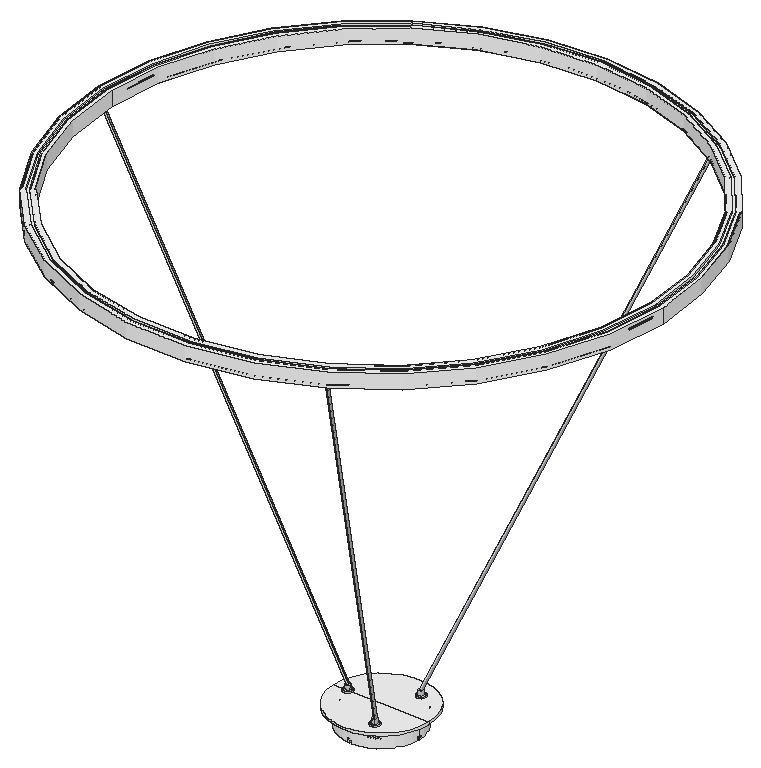
Revit family "(VRD) Vicky Ring Downward Light Acoustic Light", category Lighting Fixtures, host Face, Revit 2020
Family settings
  Host = Face
  Round Connector Dimension = Use Diameter
  Part Type = Normal
  Cut with Voids When Loaded = No
  Light Source = Yes
  Shared = No
  Room Calculation Point = No
Parameters (values of type "VRD-10059-30901-ACPMK-WH")
  Wattage Comments = "100W"
  Wattage = 57.2229 W
  built-in parameter 1150110 = 1 (stored number, unit not read)
  Voltage = "120-277 V"  # constant formula
  URL = "https://www.abovealllighting.com/product/LED-INDOOR-FIXTURE/Ring/VRDVickyRingDownwardLight.html"
  Type Comments = "Vicky Ring Downward Light"  # constant formula
  built-in parameter 1114217 = 1 (stored number, unit not read)
  Tilt Angle = -90.00°
  built-in parameter 1150109 = 1 (stored number, unit not read)
  built-in parameter 1150134 = (empty or 0)
  built-in parameter 1150113 = 1 (stored number, unit not read)
  Power Factor = 1
  Photometric Web File = "VRD-10059-30901.ies"
  Order number = "16314"
  Model = "VRD-10059-40901-ACPMK-WH"
  Manufacturer = "Above All Lighting"  # constant formula
  built-in parameter 1150105 = 676.41 (stored number, unit not read)
  Lumens = 8500 lm
  built-in parameter 1150115 = 1 (stored number, unit not read)
  Load Classification = Lighting
  built-in parameter 1150137 = (empty or 0)
  built-in parameter 1150139 = (empty or 0)
  built-in parameter 1150112 = 1 (stored number, unit not read)
  built-in parameter 1150114 = 1 (stored number, unit not read)
  Inside Body Material = none
  Inside Body = no
  Inner Diameter = (Fixture Diameter / 2) - 0' 1 77/256"  # 2' - 4 1/4"
  built-in parameter 1150132 = 2
  built-in parameter 1150102 = (empty or 0)
  built-in parameter 1150107 = 3000 (stored number, unit not read)
  built-in parameter 1150138 = (empty or 0)
  built-in parameter 1150106 = 6.7641 (stored number, unit not read)
  IP Rating = "20"  # constant formula
  H2 = Fixture Height - Canopy Height - 0' 0 67/128"  # 3' - 9 61/128"
  H1 = sqrt((B2 ^ 2) + (H2 ^ 2))  # 4' - 4.31274"
  Fixture Width = 0' - 0"
  Fixture Height = 4' - 0"  # constant formula
  Fixture Diameter = 4' - 11 13/128"
  Finish/Color = Aluminum
  built-in parameter 1150104 = 13.8 (stored number, unit not read)
  Dimming Lamp Color Temperature Shift = <None>
  Dimming / Control = "0-10V"  # constant formula
  Description = "The Vicky Ring light is a unique ring-style light with an LED light source illuminating downward"  # constant formula
  Default Elevation = 0' - 3 1/2"
  D2 = D1 - 0' 1 1/2"  # 0' - 3 1/2"
  D1 = 0' - 5"
  Color Filter = 16777215
  Canopy Height = 0' - 2"
  CRI = "90"  # constant formula
  built-in parameter 1114218 = 1 (stored number, unit not read)
  B2 = B1 - B  # 2' - 1 219/256"
  B1 = (Fixture Diameter / 2) - 0' 0 25/128"  # 2' - 5 91/256"
  B = D1 - 0' 1 1/2"  # 0' - 3 1/2"
  Average life based on 77F(HRS) = "50000"  # constant formula
  built-in parameter 1150133 = 10 (stored number, unit not read)
  Apparent Load = 125 VA
Types (8): name | Wattage Comments | Wattage | built-in parameter 1150134 | Photometric Web File | Order number | Model | built-in parameter 1150105 | Lumens | Inner Diameter | built-in parameter 1150107 | built-in parameter 1150106 | H1 | Fixture Diameter | built-in parameter 1150104 | Default Elevation | D2 | D1 | B2 | B1 | B | Apparent Load
  (no name) | "100W" | 57.2229 W | (empty or 0) | "VRD-10059-30901.ies" | "16314" | "VRD-10059-40901-ACPMK-WH" | 676.41 (stored number, unit not read) | 8500 lm | 2' - 4 1/4" | 3000 (stored number, unit not read) | 6.7641 (stored number, unit not read) | 4' - 4.31274" | 4' - 11 13/128" | 13.8 (stored number, unit not read) | 0' - 3 1/2" | 0' - 3 1/2" | 0' - 5" | 2' - 1 219/256" | 2' - 5 91/256" | 0' - 3 1/2" | 125 VA
  VRD-4024-40901-ACPMK-WH | "40W" | 22.8892 W | 12 | "VRD-4024-40901.IES" | "16311" | "VRD-4024-40901-ACPMK-WH" | 270.56 (stored number, unit not read) | 3400 lm | 0' - 10 1/2" | 4000 (stored number, unit not read) | 2.7056 (stored number, unit not read) | 3' - 10.19325" | 1' - 11 77/128" | 13.8 (stored number, unit not read) | 0' - 3 1/2" | 0' - 3 1/2" | 0' - 5" | 0' - 8 27/256" | 0' - 11 155/256" | 0' - 3 1/2" | 50 VA
  VRD-5035-30901-ACPMK-WH | "50W" | 28.6114 W | (empty or 0) | "VRD-5035-30901.ies" | "16312" | "VRD-5035-40901-ACPMK-WH" | 338.2 (stored number, unit not read) | 4250 lm | 1' - 4 51/128" | 3000 (stored number, unit not read) | 3.382 (stored number, unit not read) | 3' - 11.5839" | 2' - 11 51/128" | 13.8 (stored number, unit not read) | 0' - 0" | 0' - 3 1/2" | 0' - 5" | 1' - 2 1/256" | 1' - 5 129/256" | 0' - 3 1/2" | 62.5 VA
  VRD-8047-40901-ACPMK-WH | "80W" | 45.7783 W | 12 | "VRD-8047-40901.IES" | "16313" | "VRD-8047-40901-ACPMK-WH" | 541.13 (stored number, unit not read) | 6800 lm | 1' - 10.29883" | 4000 (stored number, unit not read) | 5.4113 (stored number, unit not read) | 4' - 1.6417" | 3' - 11 51/256" | 13.8 (stored number, unit not read) | 0' - 0" | 0' - 3 1/2" | 0' - 5" | 1' - 7.9043" | 1' - 11.4043" | 0' - 3 1/2" | 100 VA
  VRD-10059-30901-ACPMK-WH | "100W" | 57.2229 W | (empty or 0) | "VRD-10059-30901.ies" | "16314" | "VRD-10059-40901-ACPMK-WH" | 676.41 (stored number, unit not read) | 8500 lm | 2' - 4 1/4" | 3000 (stored number, unit not read) | 6.7641 (stored number, unit not read) | 4' - 4.31274" | 4' - 11 13/128" | 13.8 (stored number, unit not read) | 0' - 3 1/2" | 0' - 3 1/2" | 0' - 5" | 2' - 1 219/256" | 2' - 5 91/256" | 0' - 3 1/2" | 125 VA
  VRD-12079-40901-ACPMK-WH | "120 W" | 68.6675 W | 12 | "generic" | "16315" | "VRD-12079-40901-ACPMK-WH" | 811.69 (stored number, unit not read) | 10200 lm | 3' - 2.09961" | 4000 (stored number, unit not read) | 8.1169 (stored number, unit not read) | 4' - 8.60521" | 6' - 6 205/256" | 13.8 (stored number, unit not read) | 0' - 3 1/2" | 0' - 5 1/2" | 0' - 7" | 2' - 9.70508" | 3' - 3.20508" | 0' - 5 1/2" | 150 VA
  VRD-200118-40901-ACPMK-WH | "200 W" | 114.446 W | 12 | "generic" | "16316" | "VRD-200118-40901-ACPMK-WH" | 1352.8 (stored number, unit not read) | 17000 lm | 4' - 9 3/4" | 4000 (stored number, unit not read) | 13.528 (stored number, unit not read) | 5' - 8.59666" | 9' - 10 13/128" | 13.8 (stored number, unit not read) | 0' - 0" | 0' - 7 1/2" | 0' - 9" | 4' - 3 91/256" | 4' - 10 219/256" | 0' - 7 1/2" | 250 VA
  VRD-400197-40901-ACPMK-WH | "400 W" | 1 W | 12 | "generic" | "16317" | "VRD-400197-40901-ACPMK-WH" | 2705.6 (stored number, unit not read) | 34000 lm | 8' - 1 19/128" | 4000 (stored number, unit not read) | 27.056 (stored number, unit not read) | 8' - 4.6175" | 16' - 4 115/128" | 3158.7 (stored number, unit not read) | 0' - 3 1/2" | 0' - 8 1/2" | 0' - 10" | 7' - 5 193/256" | 8' - 2 65/256" | 0' - 8 1/2" | 500 VA
Reference planes (in)
  plane 1 "Center (Front/Back)": y = 0
  plane 2: z = 0
  plane 3 "Center (Left/Right)": x = 0
  plane 4: z = 48
  plane 5: z = 2
  plane 6: x = -3.5
  plane 7: x = -29.35547
  plane 8: z = 49.5
  plane 9: y = -29.35547
  plane 10: y = 29.35547
  plane 11: y = 3.5
  plane 12: y = -3.5
  plane 13: through (0, 0, 48) normal (0.866, 0.5, 0)
  plane 14: through (3.45221, -5.9794, 48) normal (-0.5, 0.866, 0)
Forms (in)
  Revolve 1, solid, material "Aluminum" <- "Finish/Color"
    sketch origin (0, 0, 0) x (1, 0, 0) y (0, 0, 1)
      loop
        line (0, 2) -> (-5, 2) -> (-5, 1.75) -> (-4, 1.75) -> (-4, 0) -> (-3.5, 0) -> (-3.5, 1.75) -> (0, 1.75) -> (0, 2)
      axis (0, 2) -> (0, 0)
    angle from 0 to 360
  Extrusion 2, void
    sketch origin (0, 0, 0) x (1, 0, 0) y (0, 0, 1)
      loop
        line (1.54492, 0.93157) -> (1.65045, 0.93157)
        arc (1.65045, 0.93157) -> (1.66515, 0.93766) -> (1.67124, 0.95236) r 0.02079
        line (1.67124, 0.95236) -> (1.67124, 1.5478)
        arc (1.67124, 1.5478) -> (1.66528, 1.5622) -> (1.65088, 1.56816) r 0.02036
        line (1.65088, 1.56816) -> (1.5441, 1.56816)
        arc (1.5441, 1.56816) -> (1.53013, 1.56238) -> (1.52434, 1.5484) r 0.01976
        line (1.52434, 1.5484) -> (1.52434, 0.95215)
        arc (1.52434, 0.95215) -> (1.53037, 0.9376) -> (1.54492, 0.93157) r 0.02058
      loop
        line (1.79492, 0.93157) -> (1.90045, 0.93157)
        arc (1.90045, 0.93157) -> (1.91515, 0.93766) -> (1.92124, 0.95236) r 0.02079
        line (1.92124, 0.95236) -> (1.92124, 1.5478)
        arc (1.92124, 1.5478) -> (1.91528, 1.5622) -> (1.90088, 1.56816) r 0.02036
        line (1.90088, 1.56816) -> (1.7941, 1.56816)
        arc (1.7941, 1.56816) -> (1.78013, 1.56238) -> (1.77434, 1.5484) r 0.01976
        line (1.77434, 1.5484) -> (1.77434, 0.95215)
        arc (1.77434, 0.95215) -> (1.78037, 0.9376) -> (1.79492, 0.93157) r 0.02058
      loop
        line (2.04492, 0.93157) -> (2.15045, 0.93157)
        arc (2.15045, 0.93157) -> (2.16515, 0.93766) -> (2.17124, 0.95236) r 0.02079
        line (2.17124, 0.95236) -> (2.17124, 1.5478)
        arc (2.17124, 1.5478) -> (2.16528, 1.5622) -> (2.15088, 1.56816) r 0.02036
        line (2.15088, 1.56816) -> (2.0441, 1.56816)
        arc (2.0441, 1.56816) -> (2.03013, 1.56238) -> (2.02434, 1.5484) r 0.01976
        line (2.02434, 1.5484) -> (2.02434, 0.95215)
        arc (2.02434, 0.95215) -> (2.03037, 0.9376) -> (2.04492, 0.93157) r 0.02058
      loop
        line (2.29492, 0.93157) -> (2.40045, 0.93157)
        arc (2.40045, 0.93157) -> (2.41515, 0.93766) -> (2.42124, 0.95236) r 0.02079
        line (2.42124, 0.95236) -> (2.42124, 1.5478)
        arc (2.42124, 1.5478) -> (2.41528, 1.5622) -> (2.40088, 1.56816) r 0.02036
        line (2.40088, 1.56816) -> (2.2941, 1.56816)
        arc (2.2941, 1.56816) -> (2.28013, 1.56238) -> (2.27434, 1.5484) r 0.01976
        line (2.27434, 1.5484) -> (2.27434, 0.95215)
        arc (2.27434, 0.95215) -> (2.28037, 0.9376) -> (2.29492, 0.93157) r 0.02058
    from 0 to 20.83856
  Extrusion 3, void
    sketch origin (0, 0, 0) x (1, 0, 0) y (0, 0, 1)
      loop
        line (0, 0) -> (0.08323, 0) -> (0.08323, 0.26156) -> (0.08323, 0.35543) -> (-0.30219, 0.35543) -> (-0.30219, 0.23813) -> (-0.08323, 0.23813) -> (-0.08323, 0) -> (0, 0)
    from -19.89805 to 22.49483
  Extrusion 4, void
    sketch origin (2.25749, -0.20497, 0) x (0.008711, -0.999962, 0) y (0, 0, 1)
      loop
        line (0, 0) -> (0.08323, 0) -> (0.08323, 0.26156) -> (0.08323, 0.35543) -> (-0.30219, 0.35543) -> (-0.30219, 0.23813) -> (-0.08323, 0.23813) -> (-0.08323, 0) -> (0, 0)
    from -18.61827 to 21.80579
Cuts and joins
  Extrusion 2, Extrusion 3, Extrusion 4 cuts Revolve 1
Dimensions and locks (in)
  locked: Revolve 1 sketch curve to Revolve 1 sketch curve at 0.25  (x2)
  locked: Revolve 1 sketch curve to Revolve 1 sketch curve at 0.5
  "D1": plane 3 "Center (Left/Right)" to Revolve 1 sketch curve
  "D2": plane 3 "Center (Left/Right)" to Revolve 1 sketch curve
  "Canopy Height": plane 5 to plane 2
  "B": plane 3 "Center (Left/Right)" to plane 6
  "B1": plane 3 "Center (Left/Right)" to plane 7
  "Fixture Height": plane 4 to plane 2
  locked: plane 8 to plane 4 at 1.5
  locked: plane 1 "Center (Front/Back)" to plane 12 at 3.5
  locked: plane 11 to plane 1 "Center (Front/Back)" at 3.5
  "B1": plane 1 "Center (Front/Back)" to plane 9
  "B1": plane 10 to plane 1 "Center (Front/Back)"
  locked: nested 1 to plane 13 (angle 30.00°)
  locked: plane 13 to plane 14 (angle 90.00°)
  aligned and locked: plane 2 to host face
  aligned and locked: level to host face
  aligned and locked: Revolve 1 sketch curve to plane 3 "Center (Left/Right)"
  aligned and locked: Revolve 1 sketch curve to level
  aligned and locked: Extrusion 2 to plane 1 "Center (Front/Back)"
  aligned and locked: plane 4 to nested 1
  aligned and locked: plane 3 "Center (Left/Right)" to nested 1
  aligned and locked: nested 1 to plane 4
  aligned and locked: plane 3 "Center (Left/Right)" to nested 2
  aligned and locked: plane 1 "Center (Front/Back)" to nested 2
  aligned and locked: nested 2 to plane 5
  aligned and locked: plane 4 to imposter light
  aligned and locked: nested 2 to imposter light
Automatic sketch dimensions
  host sketch curve to host sketch curve = 8' - 0"  (x2)
  Extrusion 2 sketch curve to plane 5 = 0' - 0.4516"
  plane 3 "Center (Left/Right)" to Extrusion 2 sketch curve = 0' - 1.52434"
  Extrusion 2 sketch curve to Extrusion 2 sketch curve = 0' - 0.01976"  (x4)
  Extrusion 2 sketch curve to Extrusion 2 sketch curve = 0' - 0.02058"  (x4)
  Extrusion 2 sketch curve to Extrusion 2 sketch curve = 0' - 0.10554"  (x4)
  Extrusion 2 sketch curve to Extrusion 2 sketch curve = 0' - 0.10678"  (x4)
  Extrusion 2 sketch curve to Extrusion 2 sketch curve = 0' - 0.02079"  (x3)
  Extrusion 2 sketch curve to Extrusion 2 sketch curve = 0' - 0.10309"  (x3)
  Extrusion 2 sketch curve to Extrusion 2 sketch curve = 0' - 0.02036"
  Extrusion 2 sketch curve to plane 5 = 0' - 0.4522"
  Extrusion 2 sketch curve to Extrusion 2 sketch curve = 0' - 0.0006"  (x2)
  Extrusion 2 sketch curve to Extrusion 2 sketch curve = 0' - 0.59604"
  Extrusion 2 sketch curve to Extrusion 2 sketch curve = 0' - 0"  (x2)
  Extrusion 2 sketch curve to Extrusion 2 sketch curve = 0' - 0.00021"
  Extrusion 3 sketch curve to level = 0' - 0"
  Extrusion 3 sketch curve to plane 3 "Center (Left/Right)" = 0' - 0"
  Extrusion 3 sketch curve to Extrusion 3 sketch curve = 0' - 0.08323"
  Extrusion 3 sketch curve to Extrusion 3 sketch curve = 0' - 0.21896"
  plane 3 "Center (Left/Right)" to Extrusion 3 sketch curve = 0' - 0.08323"
  level to Extrusion 3 sketch curve = 0' - 0.23813"
  Extrusion 3 sketch curve to Extrusion 3 sketch curve = 0' - 0 3/128"
  Extrusion 3 sketch curve to Extrusion 3 sketch curve = 0' - 0.1173"
  Extrusion 4 sketch curve to level = 0' - 0"
  level to Extrusion 4 sketch curve = 0' - 0.35543"
  Extrusion 4 sketch curve to Extrusion 4 sketch curve = 0' - 0.21896"
  Extrusion 4 sketch curve to Extrusion 4 sketch curve = 0' - 0.08323"  (x2)
  Extrusion 4 sketch curve to Extrusion 4 sketch curve = 0' - 0.1173"
  Extrusion 4 sketch curve to Extrusion 4 sketch curve = 0' - 0.09386"
  Revolve 1 sketch curve to plane 3 "Center (Left/Right)" = 0' - 0"
  Revolve 1 sketch curve to level = 0' - 0"
  Revolve 1 sketch curve to plane 5 = 0' - 0"  (x2)
Nested families (in)
  nested 1: "Family2" at (0, 0, 48), Fixture Diameter <- "Fixture Diameter", FINISH <- "Finish/Color", type "Family2"
    with Fixture Diameter 4' - 11 13/128", FINISH Aluminum
  nested 2: "Family7" at (0, 0, 2), BR <- "B", D2 <- "B1", Suspender Length <- "H2", Body Material <- "Finish/Color", type "Family7"
    with Suspender Length 3' - 9 61/128", No. of Bolt 3, D2 2' - 5 91/256", Body Material Aluminum, BR 0' - 3 1/2"
Connectors (in)
  electrical at (0, 0, 0), driven by "Load Classification", driven by "Apparent Load", driven by "Power Factor"
    settings: on Revolve 1, index 1, voltage 0 V, apparent load 125 VA, apparent load phase1 0 VA, apparent load phase2 0 VA, apparent load phase3 0 VA, power factor 1, load classification "Lighting", number of poles 1, system type 30, power factor state 1, is connector primary yes, connector utility no, sub classification motor no, connector description ""
Definition of nested family "Family2"
  Parameters (values of type "Family2")
    Fixture Diameter [instance] = 1' - 11.6"
    FINISH [instance] = none
    Default Elevation = 0' - 0"
  Reference planes (in)
    plane 1 "Center (Front/Back)": y = 0
    plane 2: z = 0
    plane 3 "Center (Left/Right)": x = 0
  Forms (in)
    Sweep 1, solid, material <- "FINISH"
      path origin (0, 0, 0) x (1, 0, 0) y (0, 1, 0)
        loop
          circle (0, 0) r 11.8
      profile origin (0, 11.8, 0) x (0, -1, 0) y (0, 0, 1)
        loop
          line (1.3, 0) -> (1.3, 1.5) -> (0.81492, 1.5) -> (0.81492, 1.375) -> (1.175, 1.375) -> (1.175, 1.19531) -> (0.65, 1.19531) -> (0.125, 1.19531) -> (0.125, 1.375) -> (0.48508, 1.375) -> (0.48508, 1.5) -> (0, 1.5) -> (0, 0) -> (0.10724, 0) -> (0.14914, 0.03516) -> (0.27481, 0.03516) -> (0.65, 0.03516) -> (1.02519, 0.03516) -> (1.15086, 0.03516) -> (1.19276, 0) -> (1.3, 0)
        loop
          line (1.175, 1.07031) -> (0.65, 1.07031) -> (0.125, 1.07031) -> (0.125, 0.82031) -> (0.65, 0.82031) -> (1.175, 0.82031) -> (1.175, 1.07031)
        loop
          line (1.175, 0.69531) -> (0.65, 0.69531) -> (0.125, 0.69531) -> (0.125, 0.21659) -> (0.15135, 0.19814) -> (0.125, 0.17602) -> (0.125, 0.13989) -> (0.19012, 0.13989) -> (0.19012, 0.10156) -> (0.65, 0.10156) -> (1.10988, 0.10156) -> (1.10988, 0.13989) -> (1.175, 0.13989) -> (1.175, 0.17602) -> (1.14865, 0.19814) -> (1.175, 0.21659) -> (1.175, 0.69531)
        loop
          line (1.175, 0.04966) -> (1.175, 0.08691) -> (0.125, 0.08691) -> (0.125, 0.04966) -> (1.175, 0.04966)
        loop
          line (0.46192, 1.39693) -> (0.46192, 1.48302) -> (0.0209, 1.48302) -> (0.0209, 0.02248) -> (0.11163, 0.02248) -> (0.11163, 0.17472) -> (0.13914, 0.1978) -> (0.11163, 0.21706) -> (0.11163, 0.71118) -> (1.19087, 0.71118) -> (1.19087, 0.2182) -> (1.16521, 0.20023) -> (1.19087, 0.1787) -> (1.19087, 0.02248) -> (1.27345, 0.02248) -> (1.27345, 1.48302) -> (0.83681, 1.48302) -> (0.83681, 1.39693) -> (1.19087, 1.39693) -> (1.19087, 1.17007) -> (0.11163, 1.17007) -> (0.11163, 1.39693) -> (0.46192, 1.39693)
        loop
          line (1.19087, 0.79942) -> (1.19087, 1.08714) -> (0.11163, 1.08714) -> (0.11163, 0.79942) -> (1.19087, 0.79942)
  Dimensions and locks (in)
    "Fixture Diameter": diameter of Sweep 1 sketch curve
    aligned and locked: plane 2 to level
  Automatic sketch dimensions
    Sweep 1 sketch curve to level = 0' - 0"  (x2)
    Sweep 1 sketch curve to profile plane = 0' - 1.3"
    Sweep 1 sketch curve to profile plane = 0' - 1 35/128"
    Sweep 1 sketch curve to Sweep 1 sketch curve = 0' - 0.08069"
    Sweep 1 sketch curve to Sweep 1 sketch curve = 0' - 0.00189"
    Sweep 1 sketch curve to profile plane = 0' - 1.19087"  (x2)
    Sweep 1 sketch curve to Sweep 1 sketch curve = 0' - 0"  (x7)
    Sweep 1 sketch curve to Sweep 1 sketch curve = 0' - 0.01587"  (x5)
    Sweep 1 sketch curve to Sweep 1 sketch curve = 0' - 0.00979"
    Sweep 1 sketch curve to Sweep 1 sketch curve = 0' - 0.02414"  (x2)
    Sweep 1 sketch curve to Sweep 1 sketch curve = 0' - 0.01656"
    Sweep 1 sketch curve to Sweep 1 sketch curve = 0' - 0.06512"
    level to Sweep 1 sketch curve = 0' - 0 9/256"
    Sweep 1 sketch curve to Sweep 1 sketch curve = 0' - 0.0847"  (x2)
    Sweep 1 sketch curve to Sweep 1 sketch curve = 0' - 0.33819"
    Sweep 1 sketch curve to Sweep 1 sketch curve = 0' - 0.02189"
    level to Sweep 1 sketch curve = 0' - 0 13/128"
    Sweep 1 sketch curve to Sweep 1 sketch curve = 0' - 0.37519"  (x2)
    Sweep 1 sketch curve to Sweep 1 sketch curve = 0' - 0.16492"  (x2)
    Sweep 1 sketch curve to Sweep 1 sketch curve = 0' - 0.02316"
    level to Sweep 1 sketch curve = 0' - 0.19814"
    Sweep 1 sketch curve to Sweep 1 sketch curve = 0' - 0.03876"
    Sweep 1 sketch curve to Sweep 1 sketch curve = 0' - 0.04098"
    level to Sweep 1 sketch curve = 0' - 0.1978"
    Sweep 1 sketch curve to Sweep 1 sketch curve = 0' - 0.01222"
    Sweep 1 sketch curve to Sweep 1 sketch curve = 0' - 0.33692"
    Sweep 1 sketch curve to Sweep 1 sketch curve = 0' - 0.01414"
    Sweep 1 sketch curve to Sweep 1 sketch curve = 0' - 0.01337"  (x4)
    level to Sweep 1 sketch curve = 0' - 0.17472"
    Sweep 1 sketch curve to Sweep 1 sketch curve = 0' - 0.00439"
    level to Sweep 1 sketch curve = 0' - 0.02248"  (x2)
    Sweep 1 sketch curve to Sweep 1 sketch curve = 0' - 0.08634"
    Sweep 1 sketch curve to Sweep 1 sketch curve = 0' - 0.0209"  (x2)
    Sweep 1 sketch curve to Sweep 1 sketch curve = 0' - 0.0145"
    Sweep 1 sketch curve to Sweep 1 sketch curve = 0' - 0.03726"
    Sweep 1 sketch curve to Sweep 1 sketch curve = 0' - 0.05297"
    Sweep 1 sketch curve to Sweep 1 sketch curve = 0' - 0.03483"
    Sweep 1 sketch curve to Sweep 1 sketch curve = 0' - 0.00131"
    Sweep 1 sketch curve to Sweep 1 sketch curve = 0' - 0.03614"
    Sweep 1 sketch curve to Sweep 1 sketch curve = 0' - 0.00268"
    Sweep 1 sketch curve to Sweep 1 sketch curve = 0' - 0.02211"
    Sweep 1 sketch curve to Sweep 1 sketch curve = 0' - 0.0021"
    Sweep 1 sketch curve to Sweep 1 sketch curve = 0' - 0.01636"
    Sweep 1 sketch curve to Sweep 1 sketch curve = 0' - 0.01879"
    Sweep 1 sketch curve to Sweep 1 sketch curve = 0' - 0.00047"
    Sweep 1 sketch curve to Sweep 1 sketch curve = 0' - 0.00161"
    Sweep 1 sketch curve to Sweep 1 sketch curve = 0' - 0.47711"
    Sweep 1 sketch curve to Sweep 1 sketch curve = 0' - 0.01586"
    Sweep 1 sketch curve to Sweep 1 sketch curve = 0' - 0.08824"
    Sweep 1 sketch curve to Sweep 1 sketch curve = 0' - 0 1/4"
    Sweep 1 sketch curve to Sweep 1 sketch curve = 0' - 0.01682"
    Sweep 1 sketch curve to Sweep 1 sketch curve = 0' - 0.08293"
    Sweep 1 sketch curve to Sweep 1 sketch curve = 0' - 0.02524"
    Sweep 1 sketch curve to Sweep 1 sketch curve = 0' - 0 23/128"  (x2)
    Sweep 1 sketch curve to Sweep 1 sketch curve = 0' - 0.02193"  (x2)
    Sweep 1 sketch curve to Sweep 1 sketch curve = 0' - 0.08609"  (x2)
    Sweep 1 sketch curve to Sweep 1 sketch curve = 0' - 0.01698"  (x2)
    plane 1 "Center (Front/Back)" to Sweep 1 sketch curve = 0' - 0"
    Sweep 1 sketch curve to plane 3 "Center (Left/Right)" = 0' - 0"
Definition of nested family "Family7"
  Parameters (values of type "Family7")
    Suspender Length [instance] = 3' - 0"
    No. of Bolt [instance] = 3
    Default Elevation = 0' - 0"
    D2 [instance] = 3' - 0"
    Body Material [instance] = none
    BR [instance] = 0' - 10"
  Reference planes (in)
    plane 1 "Center (Front/Back)": y = 0
    plane 2: z = 0
    plane 3 "Center (Left/Right)": x = 0
    plane 4: z = 0.52531
  Dimensions and locks (in)
    locked: plane 4 to plane 2 at 0.52531
    "BR": radius of radial array
    aligned and locked: plane 2 to level
    aligned and locked: plane 4 to nested 4
  Nested families (in)
    nested 1: "Family6" at (-10, 0, 0), type "Family6"
    nested 2: "Family6" at (5, -8.66025, 0) x (-0.5, 0.866, 0) z (0, 0, 1), type "Family6"
    nested 3: "Family6" at (5, 8.66025, 0) x (-0.5, -0.866, 0) z (0, 0, 1), type "Family6"
    nested 4: "Family5" at (0, 0, 0.5985), A1 <- "BR", D2 <- "D2", Suspender Height <- "Suspender Length", type "Family5"
      with Suspender Height 3' - 0", H1 3' - 8.40721", D3 2' - 2", D2 3' - 0", A1 0' - 10"
    nested 5: "Family5" at (0, 0, 0.5985) x (-0.5, 0.866, 0) z (0, 0, 1), A1 <- "BR", D2 <- "D2", Suspender Height <- "Suspender Length", type "Family5"
      with Suspender Height 3' - 0", H1 3' - 8.40721", D3 2' - 2", D2 3' - 0", A1 0' - 10"
    nested 6: "Family5" at (0, 0, 0.5985) x (-0.5, -0.866, 0) z (0, 0, 1), A1 <- "BR", D2 <- "D2", Suspender Height <- "Suspender Length", type "Family5"
      with Suspender Height 3' - 0", H1 3' - 8.40721", D3 2' - 2", D2 3' - 0", A1 0' - 10"
  Definition of nested family "Family6"
    Parameters
      Default Elevation = 0' - 0"
    Reference planes (in)
      plane 1 "Center (Front/Back)": y = 0
      plane 2: z = 0
      plane 3 "Center (Left/Right)": x = 0
    Forms (in)
      Revolve 1, solid
        sketch origin (0, 0, 0) x (1, 0, 0) y (0, 0, 1)
          loop
            line (0, 0) -> (0, 0.52531) -> (-0.25155, 0.52531) -> (-0.25155, 0.15262)
            arc (-0.25155, 0.15262) -> (-0.27805, 0.08864) -> (-0.34203, 0.06214) r 0.09048
            line (-0.34203, 0.06214) -> (-0.4769, 0.06214) -> (-0.4769, 0) -> (0, 0)
          axis (0, 0) -> (0, 0.52531)
        angle from 0 to 360
    Lines and regions (in)
      model lines
        curve 1: line (0, 0, 0.52531) -> (0, 0, 0)
    Dimensions and locks (in)
      aligned and locked: plane 2 to level
  Definition of nested family "Family5"
    Parameters (values of type "Family5")
      Suspender Height [instance] = 2' - 3.30679"
      H1 [instance] = sqrt(D3 ^ 2 + Suspender Height ^ 2)  # 3' - 1.49148"
      Default Elevation = 0' - 0"
      D3 [instance] = D2 - A1  # 2' - 1.6895"
      D2 [instance] = 3' - 0"
      A1 [instance] = 0' - 10.3105"
    Reference planes (in)
      plane 1 "Center (Front/Back)": y = 0
      plane 2: z = 0
      plane 3 "Center (Left/Right)": x = 0
      plane 4: x = -36
      plane 5: x = -10.3105
      plane 6: z = 27.30679
      plane 7: through (-10.3105, -180, 0) normal (-0.7071, 0, 0.7071)
    Forms (in)
      Sweep 1, solid
        path origin (0, 0, 0) x (1, 0, 0) y (0, 0, 1)
          loop
            line (-10.3105, 0) -> (-36, 27.30679)
        profile origin (-23.15525, 0, 13.65339) x (-0.728346, 0, -0.685209) y (0, -1, 0)
          loop
            circle (0, 0) r 0.125
    Dimensions and locks (in)
      "D2": plane 3 "Center (Left/Right)" to plane 4
      "A1": plane 3 "Center (Left/Right)" to plane 5
      "Suspender Height": plane 6 to plane 2
      "H1": Sweep 1 sketch curve to Sweep 1 sketch curve
      locked: Sweep 1 sketch curve to profile plane  (x2)
      aligned and locked: plane 2 to level
      aligned and locked: plane 2 to Sweep 1 sketch curve
      aligned and locked: plane 5 to Sweep 1 sketch curve
      aligned and locked: plane 4 to Sweep 1 sketch curve
    Automatic sketch dimensions
      radius of Sweep 1 sketch curve = 0' - 0 1/8"
